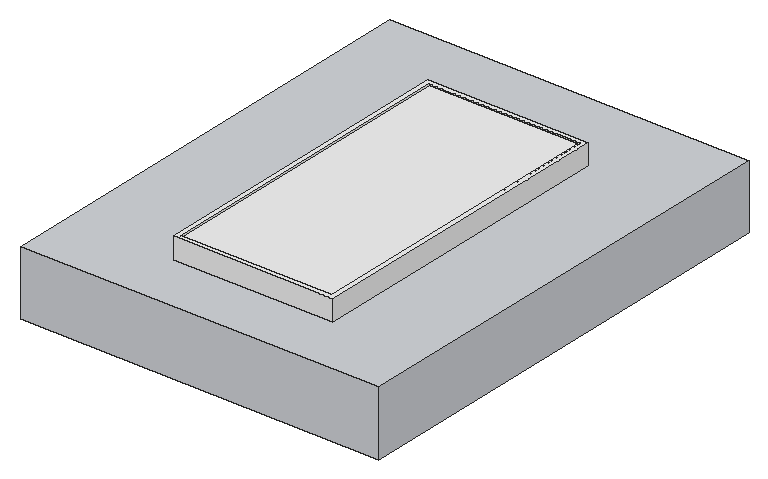
Revit family "M_Painel solar", category Equipamento especial, Revit 2019
Family settings
  Hospedeiro = Face
  Cota do conector redondo = Utilizar diâmetro
  Tipo de parte = Normal
  Número OmniClass = 23.75.10.27.14.11
  Título OmniClass = Solar Absorber Plates or Tubing
  ID de item do Seek = Solar Panel-0000-CAN-ENU
  Corte com vazios quando carregada = Não
  Compartilhado = Não
  Ponto de cálculo do ambiente = Não
Parameters (values of type "750 x 1500mm")
  Largura = 750 mm
  Comprimento = 1500 mm
  Linear = 100 mm
  Elevação-padrão = 1200 mm
Reference planes
  plane 1 "Centro (Frente/Trás)": y = 0
  plane 2: z = 0
  plane 3 "Centro (Esquerda/Direita)": x = 32.32
  plane 4: x = 782.32
  plane 5: y = 1500
  plane 6 "Face superior de um painel": z = 100
  plane 7 "Face posterior de um painel": z = 93.65
  plane 8: x = 763.27
  plane 9: y = 19.05
Forms (mm)
  Extrusion 1, solid
    sketch origin (0, 0, 0) x (1, 0, 0) y (0, 1, 0)
      loop
        line (-469.33, 1900.05) -> (-469.33, -273.771) -> (1219.2, -273.771) -> (1219.2, 1900.05) -> (-469.33, 1900.05)
    from 0 to -304.8
  Extrusion 2, solid, material "Apara de metal"
    sketch origin (0, 0, 0) x (1, 0, 0) y (0, 1, 0)
      loop
        line (32.32, 0) -> (782.32, 0) -> (782.32, 1500) -> (32.32, 1500) -> (32.32, 0)
    from 0 to 100
  Extrusion 3, void
    sketch origin (6.35, -6.35, 0) x (1, 0, 0) y (0, 1, 0)
      loop
        line (45.02, 1487.3) -> (45.02, 25.4) -> (756.92, 25.4) -> (756.92, 1487.3) -> (45.02, 1487.3)
    from 0 to 100
  Extrusion 4, solid, material "Metal - Alum (2)"
    sketch origin (0, 0, 0) x (1, 0, 0) y (0, 1, 0)
      loop
        line (51.37, 1480.95) -> (51.37, 19.05) -> (763.27, 19.05) -> (763.27, 1480.95) -> (51.37, 1480.95)
    from 0 to 93.65
Cuts and joins
  Extrusion 3 cuts Extrusion 2
Dimensions and locks
  "Largura": plane 3 "Centro (Esquerda/Direita)" to plane 4
  "Comprimento": plane 5 to plane 1 "Centro (Frente/Trás)"
  plane 5 to cut or joined group of Extrusion 2, Extrusion 3 = 19.05 mm
  plane 1 "Centro (Frente/Trás)" to cut or joined group of Extrusion 2, Extrusion 3 = 19.05 mm
  cut or joined group of Extrusion 2, Extrusion 3 to plane 4 = 19.05 mm
  plane 3 "Centro (Esquerda/Direita)" to cut or joined group of Extrusion 2, Extrusion 3 = 19.05 mm
  "Linear": plane 6 "Face superior de um painel" to Extrusion 1
  locked: plane 6 "Face superior de um painel" to plane 7 "Face posterior de um painel" at 6.35
  aligned and locked: plane 2 to Extrusion 1
  aligned and locked: level to Extrusion 1
  aligned and locked: cut or joined group of Extrusion 2, Extrusion 3 to Extrusion 4  (x2)
  aligned and locked: Extrusion 4 to cut or joined group of Extrusion 2, Extrusion 3  (x2)
  aligned and locked: plane 6 "Face superior de um painel" to cut or joined group of Extrusion 2, Extrusion 3  (x2)
  aligned and locked: plane 7 "Face posterior de um painel" to Extrusion 4
Automatic sketch dimensions
  Extrusion 2 sketch curve to plane 3 "Centro (Esquerda/Direita)" = 0 mm
  Extrusion 2 sketch curve to plane 4 = 0 mm
  Extrusion 2 sketch curve to plane 1 "Centro (Frente/Trás)" = 0 mm
  Extrusion 2 sketch curve to plane 5 = 0 mm
  plane 3 "Centro (Esquerda/Direita)" to Extrusion 3 sketch curve = 19.05 mm
  Extrusion 3 sketch curve to plane 1 "Centro (Frente/Trás)" = 19.05 mm
  Extrusion 3 sketch curve to plane 5 = 19.05 mm
  plane 4 to Extrusion 3 sketch curve = 19.05 mm
  plane 4 to Extrusion 4 sketch curve = 19.05 mm
  plane 3 "Centro (Esquerda/Direita)" to Extrusion 4 sketch curve = 19.05 mm
  Extrusion 4 sketch curve to plane 5 = 19.05 mm
  Extrusion 4 sketch curve to plane 1 "Centro (Frente/Trás)" = 19.05 mm
  Extrusion 1 sketch curve to Extrusion 1 sketch curve = 1688.53 mm
  Extrusion 1 sketch curve to Extrusion 1 sketch curve = 2173.821 mm
